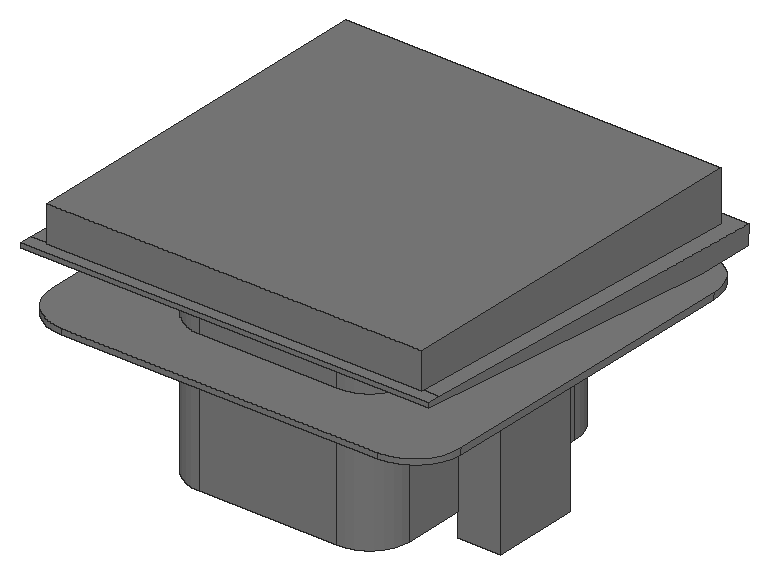
Revit family "Gira_012867", category Electrical Fixtures, host Face, Revit 2017
Family settings
  Host = Face
  Maintain Annotation Orientation = Yes
  Round Connector Dimension = Use Diameter
  Part Type = Normal
  Cut with Voids When Loaded = No
  Shared = No
  Room Calculation Point = No
Parameters (values of type "Tastschalter Wechselsch. 2f Gira TX_44 (WG UP) Anthrazit")
  Zusammenstellung = "Basiselement mit zentraler Abdeckplatte"
  Werkstoffgüte = "sonstige"
  Werkstoff = "sonstige"
  Waschmaschinenschalter = "No"
  URL = "http://katalog.gira.de/de_DE/datenblatt.html?artikelnr=012867"
  Textfeld/Beschriftungsfläche = "nein"
  Tastschalter = "Yes"
  Schaltungsart = "Wechsel-/Wechselschalter"
  Rückmeldekontakt = "No"
  Region = "DE"
  Oberfläche = "sonstige"
  Nennspannung = "250 Volt"
  Name = "Tastschalter Wechselsch. 2f Gira TX_44 (WG UP) Anthrazit"
  Montageart = "unter Putz"
  Mit Montageplatte = "No"
  Manufacturer URL = "https://www.gira.de/"
  Keynote = "TX44_Komplettgerät_Schalten und Tasten"
  HeinzeBIM = "https://bimportal.heinze.de/bim/tastschalter-wechselsch-2f-gira-tx-44-wg-up-anthrazit/30267839f12174b712520406d55b2c94b0977e59"
  Halogenfrei = "No"
  HAN = "012867"
  Geeignet für Schutzart (IP) = "IP44"
  GTIN = "4010337128670"
  Farbe = "anthrazit"
  Default Elevation = 1219.2 mm
  Data sheet (1) = "https://katalog.gira.de/de_DE/download.html?artikelnr=012867"
  Category = "Installationsschalter"
  Bemessungsstrom = "10 Ampere"
  Beleuchtung = "nein"
  Befestigungsart = "Krallen-/Schraubbefestigung"
  Bedienungsart = "Wippe/Taste"
  Available = "Yes"
  Anzahl der Module (bei Modulbauweise) = "1 "
  Anzahl der Betätigungswippen = "2 "
  Anschlussart = "Steckklemme"
Reference planes
  plane 1 "Center (Front/Back)": y = 0
  plane 2 "Reference Level 0": z = 0
  plane 3 "Center (Left/Right)": x = 0
  plane 4: z = -28.6
Forms (mm)
  Extrusion 1, solid, material "Default", detail levels fine
    sketch origin (0, 0, 0) x (1, 0, 0) y (0, 1, 0)
      loop
        line (-32.604, 32.5) -> (-32.604, -32.5) -> (32.735, -32.5) -> (32.735, 32.5) -> (-32.604, 32.5)
    from 0 to 12.3
  Extrusion 2, solid, material "Default", detail levels fine
    sketch origin (0, 0, 0) x (0, 1, 0) y (0, 0, 1)
      loop
        line (35, 3.483) -> (-32.2, 6) -> (-34.55, 6) -> (-34.536, 5.199) -> (24.886, 0) -> (34.939, 0) -> (35, 3.483)
    from -35.5 to 35.5
  Extrusion 3, void
    sketch origin (0, 0, 0) x (0, 1, 0) y (0, 0, 1)
      loop
        line (42.419, 3.205) -> (-32.2, 6) -> (-42.193, 6) -> (-42.193, -11.826) -> (42.419, -11.826) -> (42.419, 3.205)
    from -64.194 to 61.264
  Extrusion 4, solid, material "Default", detail levels fine
    sketch origin (0, 0, 0) x (1, 0, 0) y (0, 1, 0)
      loop
        arc (35.5, 27.5) -> (33.157, 33.157) -> (27.5, 35.5) r 8
        line (27.5, 35.5) -> (-27.5, 35.5)
        arc (-27.5, 35.5) -> (-33.157, 33.157) -> (-35.5, 27.5) r 8
        line (-35.5, 27.5) -> (-35.5, -27.5)
        arc (-35.5, -27.5) -> (-33.157, -33.157) -> (-27.5, -35.5) r 8
        line (-27.5, -35.5) -> (27.5, -35.5)
        arc (27.5, -35.5) -> (33.157, -33.157) -> (35.5, -27.5) r 8
        line (35.5, -27.5) -> (35.5, 27.5)
    from -4.1 to -5.1
  Extrusion 5, solid, material "Default", detail levels fine
    sketch origin (0, 0, 0) x (1, 0, 0) y (0, 1, 0)
      loop
        arc (-12, 25) -> (-16.95, 22.95) -> (-19, 18) r 7
        line (-19, 18) -> (-19, -18)
        arc (-19, -18) -> (-16.95, -22.95) -> (-12, -25) r 7
        line (-12, -25) -> (12, -25)
        arc (12, -25) -> (16.95, -22.95) -> (19, -18) r 7
        line (19, -18) -> (19, 18)
        arc (19, 18) -> (16.95, 22.95) -> (12, 25) r 7
        line (12, 25) -> (-12, 25)
    from 4.692 to -28.6
  Extrusion 6, solid, material "Default", detail levels fine
    sketch origin (0, 0, 0) x (1, 0, 0) y (0, 1, 0)
      loop
        line (-26.5, -7.5) -> (-19, -7.5) -> (-19, 7.5) -> (-26.5, 7.5) -> (-26.5, -7.5)
    from -5.1 to -32.6
  Extrusion 7, solid, material "Default", detail levels fine
    sketch origin (0, 0, 0) x (-1, 0, 0) y (0, -1, 0)
      loop
        line (-26.5, 7.5) -> (-26.5, -7.5) -> (-19, -7.5) -> (-19, 7.5) -> (-26.5, 7.5)
    from -5.1 to -32.6
  Extrusion 8, solid, material "Default", detail levels medium
    sketch origin (0, 0, 0) x (1, 0, 0) y (0, 1, 0)
      loop
        line (-32.604, 32.5) -> (-32.604, -32.5) -> (32.735, -32.5) -> (32.735, 32.5) -> (-32.604, 32.5)
    from 0 to 12.3
  Extrusion 9, solid, material "Default", detail levels medium
    sketch origin (0, 0, 0) x (0, 1, 0) y (0, 0, 1)
      loop
        line (35, 3.483) -> (-32.2, 6) -> (-34.55, 6) -> (-34.445, 0) -> (34.939, 0) -> (35, 3.483)
    from -35.5 to 35.5
  Extrusion 10, solid, material "Default", detail levels medium
    sketch origin (0, 0, 0) x (1, 0, 0) y (0, 1, 0)
      loop
        line (-26.5, 25) -> (-26.5, -25) -> (26.5, -25) -> (26.5, 25) -> (-26.5, 25)
    from 4.692 to -32.6
  Extrusion 11, solid, material "Default", detail levels medium
    sketch origin (0, 0, 0) x (1, 0, 0) y (0, 1, 0)
      loop
        line (35.5, 35.5) -> (-35.5, 35.5) -> (-35.5, -35.5) -> (35.5, -35.5) -> (35.5, 35.5)
    from -4.1 to -5.1
  Extrusion 12, solid, material "Default", detail levels coarse
    sketch origin (0, 0, 0) x (1, 0, 0) y (0, 1, 0)
      loop
        line (35.5, 35.5) -> (-35.5, 35.5) -> (-35.5, -35.5) -> (35.5, -35.5) -> (35.5, 35.5)
    from -32.6 to 12.3
Cuts and joins
  Extrusion 3 cuts Extrusion 1
  joined: Extrusion 1, Extrusion 2, Extrusion 4, Extrusion 5, Extrusion 6, Extrusion 7
Dimensions and locks
  Extrusion 12 to Extrusion 12 = 44.9 mm
  aligned and locked: plane 2 "Reference Level 0" to host face
  aligned and locked: level to host face
  aligned and locked: plane 3 "Center (Left/Right)" to nested 1
  aligned and locked: plane 1 "Center (Front/Back)" to nested 1
Nested families
  nested 1: "Schalter" at (0, 0, 0), type "Schalter"
Connectors
  electrical at (0, 0, -32.6)
    settings: on Extrusion 12, index 1, voltage 220 V, apparent load 0 VA, apparent load phase1 0 VA, apparent load phase2 0 VA, apparent load phase3 0 VA, power factor 1, load classification "Other", number of poles 1, system type 30, power factor state 1, is connector primary yes, connector utility no, sub classification motor no, connector description ""
Definition of nested family "Schalter"
  Reference planes
    plane 1: y = 0
    plane 2: x = 0
  Lines and regions (mm)
    detail lines
      curve 1: circle (1.375, 2.778, 0) r 0.8 normal (0, 0, 1)
      curve 2: line (1.021, 2.061, 0) -> (0, 0, 0)
      curve 3: line (0, 0, 0) -> (-0.538, 0.266, 0)
  Dimensions and locks
    curve 2 to curve 2 = 2.3 mm
    curve 3 to curve 2 = 0.6 mm
    radius of curve 1 = 0.8 mm
